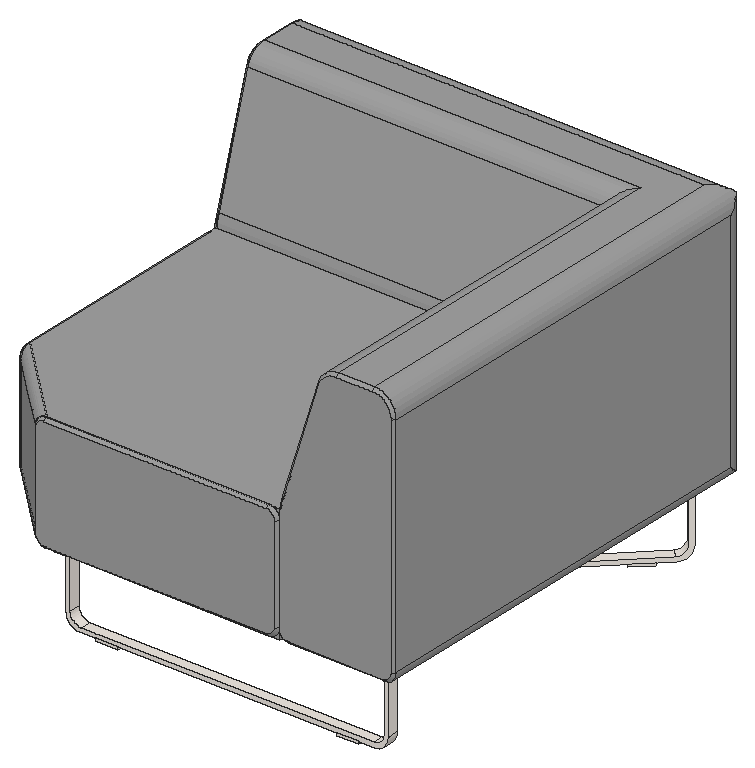
Revit family "Haworth_Riverbend_SquareCorner_AP_PRELIMINARY", category Furniture, Revit 2018
Family settings
  OmniClass Number = 23.40.70.14.64.21
  OmniClass Title = Systems Furniture
  Work Plane-Based = No
  Always vertical = Yes
  Cut with Voids When Loaded = No
  Shared = No
  Room Calculation Point = No
Parameters (values of type "1010w x 575d x 450h - Mid Back")
  Width Straight Edge = 838.2 mm  # constant formula
  Warranty = "http://www.haworth.com/resources/product-info/warranties"
  URL - Product = "https://www.haworth.com/ap/en/products/sofas-armchairs/riverbend-pebble.html"
  Trim Finish = Haworth _ Paint _ Plaster
  Small = no
  Seat Upholstery Finish [instance] = Haworth _ Fabric _ Tellure _ Steel 3A-39
  No Back = not(Mid Back)  # no
  Mid Back = yes
  Model = "SERIQX9"  # constant formula
  Low = no
  Large = not(Small)  # yes
  High = not(Low)  # yes
  Description = "Haworth Riverbend Square Corner"  # constant formula
  URL = "https://www.haworth.com/ap/en.html"
  Size = "Verify Final Dim. w/ Haworth"  # constant formula
  Revision Number = "1"  # constant formula
  Manufacturer = "Haworth"  # constant formula
  Back Upholstery Finish [instance] = Haworth _ Fabric _ Tellure _ Steel 3A-39
  Author = "Haworth (Bentzen, Abd Rahman)"  # constant formula
  Assembly Code = "E2020200"
  Actual Width = 1010 mm  # constant formula
  Actual Height = if(Low, 390 mm, 450 mm)  # 450 mm
  Actual Depth = 1010 mm  # constant formula
Reference planes
  plane 1 "Center F/B": through (-78.491, -215.695, 0) normal (-0.7071, -0.7071, 0)
  plane 2 "Bottom": z = 0
  plane 3 "Center L/R": through (55.102, -293.435, 0) normal (0.7071, -0.7071, 0)
  plane 4 "Left": through (-1165.05, -503.938, 1219.2) normal (-0.7071, 0.7071, 0)
  plane 5 "Right": through (1244.391, -113.797, 1219.2) normal (0.7071, -0.7071, 0)
  plane 6 "Chair Front": through (-1384.552, 177.6, 1219.2) normal (0.7071, 0.7071, 0)
  plane 7 "Top": z = 450
  plane 8 "Top - Bottom of Chamfer Edge": z = 443.65
  plane 9 "Frame Bottom": z = 176.95
  plane 10 "Bottom - Top of Chamfer Edge": z = 183.3
  plane 11 "Leg Bracket - Bottom": z = 170.6
  plane 12 "Leg Bottom - Top of Bottom": z = 15.875
  plane 13 "Foot - Top of Foot": z = 6.35
  plane 14 "Bench Frame - Outer Concave Tangent Edge No 1": y = 146.181
  plane 15 "Bench Frame - Outer Concave Tangent Edge No 2": x = 494.718
  plane 16 "Bench Frame - Center Side No 1": y = -272.919
  plane 17 "Bench Frame - Center Side No 2": x = 75.618
  plane 18 "Bench Frame - Straight Edge No 2": y = -869.819
  plane 19 "Bench Frame - Straight Edge No 1": x = -521.282
  plane 20 "Center Leg - Back of Leg Bracket": through (-1134.489, 1645.306, 1219.2) normal (0.7071, 0.7071, 0)
  plane 21 "Left Leg - Front of Leg Bracket": y = -647.169
  plane 22: through (-1705.143, 496.713, 1219.2) normal (-0.7071, 0.7071, 0)
  plane 23: through (157.98, -172.597, 1219.2) normal (-0.7071, 0.7071, 0)
  plane 24: through (438.657, 72.16, 1219.2) normal (-0.7071, 0.7071, 0)
  plane 25: y = 146.181
  plane 26: y = 146.181
  plane 27: through (483.559, 135.021, 1219.2) normal (-0.7071, -0.7071, 0)
  plane 28: through (345.662, 165.155, 1219.2) normal (0.7071, 0.7071, 0)
  plane 29: z = 457.2
  plane 30: z = 317.075
Lines and regions (mm)
  Masking region 1, visible <- "Large"
    outline origin (901.228, -1160, 450) x (-1, 0, 0) y (0, -1, 0)
      loop
        line (1422.51, -1306.181) -> (1422.51, -474.331) -> (1238.36, -290.181) -> (406.51, -290.181) -> (406.51, -1306.181) -> (1422.51, -1306.181)
  Masking region 2, visible <- "Small"
    outline origin (0, 0, 450) x (-1, 0, 0) y (0, -1, 0)
      loop
        line (258.752, 869.819) -> (-494.718, 869.819) -> (-494.718, -146.181) -> (521.282, -146.181) -> (521.282, 607.29) -> (258.752, 869.819)
  symbolic lines, style "Haworth", visible <- "Mid Back"
    curve 1: line (-521.282, -124.835, 450) -> (223.702, -124.835, 450)
    curve 2: line (223.702, -124.835, 450) -> (223.702, -869.819, 450)
Dimensions and locks
  plane 4 "Left" to plane 5 "Right" = 1427.861 mm
  locked: plane 7 "Top" to plane 8 "Top - Bottom of Chamfer Edge" at 6.35
  plane 10 "Bottom - Top of Chamfer Edge" to plane 9 "Frame Bottom" to plane 11 "Leg Bracket - Bottom" = 6.35 mm locked, 6.35 mm locked
  plane 7 "Top" to plane 9 "Frame Bottom" = 273.05 mm
  "Actual Height": plane 7 "Top" to plane 2 "Bottom"
  plane 7 "Top" to plane 2 "Bottom" = 450 mm
  plane 17 "Bench Frame - Center Side No 2" to plane 15 "Bench Frame - Outer Concave Tangent Edge No 2" = 419.1 mm
  plane 27 to plane 28 = 76.2 mm
  equal spacing: plane 6 "Chair Front", plane 1 "Center F/B", plane 27
  plane 19 "Bench Frame - Straight Edge No 1" to plane 15 "Bench Frame - Outer Concave Tangent Edge No 2" = 1016 mm
  plane 14 "Bench Frame - Outer Concave Tangent Edge No 1" to plane 18 "Bench Frame - Straight Edge No 2" = 1016 mm
  equal spacing: plane 9 "Frame Bottom", plane 30, plane 29
  aligned and locked: plane 14 "Bench Frame - Outer Concave Tangent Edge No 1" to nested 1
  aligned and locked: plane 19 "Bench Frame - Straight Edge No 1" to nested 1
  aligned and locked: nested 1 to level
  aligned and locked: plane 14 "Bench Frame - Outer Concave Tangent Edge No 1" to nested 2
  aligned and locked: plane 15 "Bench Frame - Outer Concave Tangent Edge No 2" to nested 2
  aligned and locked: nested 2 to plane 9 "Frame Bottom"
  aligned and locked: plane 19 "Bench Frame - Straight Edge No 1" to Masking region 1 sketch curve
  aligned and locked: Masking region 1 sketch curve to plane 6 "Chair Front"
  aligned and locked: plane 18 "Bench Frame - Straight Edge No 2" to Masking region 1 sketch curve
  aligned and locked: Masking region 1 sketch curve to plane 15 "Bench Frame - Outer Concave Tangent Edge No 2"
  aligned and locked: Masking region 1 sketch curve to plane 14 "Bench Frame - Outer Concave Tangent Edge No 1"
  aligned and locked: plane 14 "Bench Frame - Outer Concave Tangent Edge No 1" to nested 3
  aligned and locked: plane 14 "Bench Frame - Outer Concave Tangent Edge No 1" to nested 4
  aligned and locked: plane 15 "Bench Frame - Outer Concave Tangent Edge No 2" to nested 3
  aligned and locked: plane 15 "Bench Frame - Outer Concave Tangent Edge No 2" to nested 4
  aligned and locked: nested 3 to plane 9 "Frame Bottom"
  aligned and locked: nested 4 to plane 9 "Frame Bottom"
  aligned and locked: plane 19 "Bench Frame - Straight Edge No 1" to curve 1
  aligned and locked: plane 18 "Bench Frame - Straight Edge No 2" to curve 2
  aligned and locked: curve 1 to curve 2
  aligned and locked: Masking region 1 to Masking region 2 sketch curve
  aligned and locked: Masking region 2 sketch curve to Masking region 1  (x3)
Automatic sketch dimensions
  plane 3 "Center L/R" to curve 1 = 0 mm
  plane 17 "Bench Frame - Center Side No 2" to curve 2 = 148.084 mm
  plane 19 "Bench Frame - Straight Edge No 1" to Masking region 2 sketch curve = 262.53 mm
  plane 21 "Left Leg - Front of Leg Bracket" to Masking region 2 sketch curve = 39.88 mm
Nested families
  nested 1: "Haworth_Riverbend_SquareCorner_Base-PART" at (0, 0, 0), Trim Finish <- "Trim Finish", type "Base - PART"
    with Trim Finish Haworth _ Paint _ Plaster
  nested 2: "Haworth_Riverbend_SquareCorner_Back-PART" at (0, 0, -7.2), Back Upholstery Finish <- "Back Upholstery Finish", visible <- "Mid Back", type "Back - PART"
    with Back Upholstery Finish Haworth _ Fabric _ Tellure _ Steel 3A-39
  nested 3: "Haworth_Riverbend_SquareCorner_Large_Seat-PART" at (0, 0, -7.2), Seat Upholstery Finish <- "Seat Upholstery Finish", visible <- "Large", type "Large Seat - PART"
    with Seat Upholstery Finish Haworth _ Fabric _ Tellure _ Steel 3A-39
  nested 4: "Haworth_Riverbend_SquareCorner_Small_Seat-PART" at (0, 0, -7.2), Seat Upholstery Finish <- "Seat Upholstery Finish", visible <- "Small", type "Small Seat - PART"
    with Seat Upholstery Finish Haworth _ Fabric _ Tellure _ Steel 3A-39
Definition of nested family "Haworth_Riverbend_SquareCorner_Base-PART"
  Parameters (values of type "Base - PART")
    Width Straight Edge = 1010 mm  # constant formula
    Warranty = "http://www.haworth.com/resources/product-info/warranties"
    URL - Product = "http://www.haworth.com/products/seating/sofas/riverbend-pebble"
    Trim Finish [instance] = none
    Model = "Haworth - Riverbend"  # constant formula
    Description = "Haworth - Riverbend - Square Corner - Base - PART"  # constant formula
    URL = "http://www.haworth.com"
    Size = "Verify Final Dim. w/ Haworth"  # constant formula
    Revision Number = "1"  # constant formula
    Manufacturer = "Haworth"  # constant formula
    Author = "Haworth (Bentzen, Abd Rahman)"  # constant formula
    Assembly Code = "E2020200"
    Actual Width = 1010 mm  # constant formula
    Actual Height = 450 mm
    Actual Depth = 1010 mm  # constant formula
  Reference planes
    plane 1 "Center F/B": through (-78.491, -215.695, 0) normal (-0.7071, -0.7071, 0)
    plane 2 "Bottom": z = 0
    plane 3 "Center L/R": through (55.102, -293.435, 0) normal (0.7071, -0.7071, 0)
    plane 4 "Left": through (-1165.05, -503.938, 1219.2) normal (-0.7071, 0.7071, 0)
    plane 5 "Right": through (1244.391, -113.797, 1219.2) normal (0.7071, -0.7071, 0)
    plane 6 "Frame Back": through (-736.346, 786.631, 1219.2) normal (0.7071, 0.7071, 0)
    plane 7 "Chair Front": through (-1384.552, 177.6, 1219.2) normal (0.7071, 0.7071, 0)
    plane 8 "Top": z = 450
    plane 9 "Top - Bottom of Chamfer Edge": z = 443.65
    plane 10 "Frame Bottom": z = 176.95
    plane 11 "Bottom - Top of Chamfer Edge": z = 183.3
    plane 12 "Leg Bracket - Bottom": z = 170.6
    plane 13 "Leg Bottom - Top of Bottom": z = 15.875
    plane 14 "Foot - Top of Foot": z = 6.35
    plane 15 "Bench Frame - Inner Concave Tangent Edge No 1": y = -692.019
    plane 16 "Bench Frame - Outer Concave Tangent Edge No 1": y = 317.981
    plane 17 "Bench Frame - Outer Concave Tangent Edge No 2": x = 494.718
    plane 18 "Bench Frame - Center Side No 1": y = -187.019
    plane 19 "Bench Frame - Center Side No 2": x = 75.618
    plane 20 "Bench Frame - Straight Edge No 2": y = -869.819
    plane 21 "Bench Frame - Straight Edge No 1": x = -521.282
    plane 22 "Left Leg - Back of Leg Bracket": y = 101.334
    plane 23 "Center Leg - Back of Leg Bracket": through (-1134.489, 1645.306, 1219.2) normal (0.7071, 0.7071, 0)
    plane 24 "Right Leg - Back of Leg Bracket": x = 449.871
    plane 25 "Left Leg - Front of Leg Bracket": y = -647.169
    plane 26 "Right Leg - Front of Leg Bracket": x = -298.635
    plane 27 "Center Leg - Front of Leg Bracket": through (177.923, -152.04, 1219.2) normal (0.7071, 0.7071, 0)
    plane 28: through (-1705.143, 496.713, 1219.2) normal (-0.7071, 0.7071, 0)
    plane 29 "Left - Top of Chamfer Edge": x = -514.932
    plane 30 "Right - Top of Chamfer Edge": y = -863.469
    plane 31 "Leg Left - Left of Leg Bracket": x = -481.694
    plane 32 "Right Left - Right of Leg Bracket": y = -830.231
    plane 33: through (390.172, 107.175, 1219.2) normal (0.7071, 0.7071, 0)
    plane 34: y = 41.009
    plane 35: y = 31.409
    plane 36: y = -19.391
    plane 37: y = 91.809
    plane 38: y = -526.441
    plane 39: y = -577.241
    plane 40: y = -586.841
    plane 41: y = -637.641
    plane 42: through (184.965, -145.612, 1219.2) normal (-0.7071, -0.7071, 0)
    plane 43: through (220.886, -109.691, 1219.2) normal (-0.7071, -0.7071, 0)
    plane 44: through (227.674, -102.902, 1219.2) normal (-0.7071, -0.7071, 0)
    plane 45: through (263.595, -66.981, 1219.2) normal (-0.7071, -0.7071, 0)
    plane 46: through (335.331, 4.755, 1219.2) normal (-0.7071, -0.7071, 0)
    plane 47: through (371.252, 40.676, 1219.2) normal (-0.7071, -0.7071, 0)
    plane 48: through (378.041, 47.464, 1219.2) normal (-0.7071, -0.7071, 0)
    plane 49: x = -289.104
    plane 50: x = -238.304
    plane 51: x = -228.704
    plane 52: x = -177.904
    plane 53: x = 329.146
    plane 54: x = 379.946
    plane 55: x = 389.546
    plane 56: x = 440.346
    plane 57: x = -456.294
    plane 58: y = -804.831
    plane 59: through (157.98, -172.597, 1219.2) normal (-0.7071, 0.7071, 0)
    plane 60: through (438.657, 72.16, 1219.2) normal (-0.7071, 0.7071, 0)
    plane 61: x = -421.369
    plane 62: through (0.825, -415.064, 1219.2) normal (0.7071, -0.7071, 0)
    plane 63: y = -769.906
    plane 64: y = 146.181
    plane 65: y = -72.874
    plane 66: y = 146.181
    plane 67: through (483.559, 135.021, 1219.2) normal (-0.7071, -0.7071, 0)
    plane 68: through (345.662, 165.155, 1219.2) normal (0.7071, 0.7071, 0)
    plane 69: z = 457.2
    plane 70: x = -515.282
    plane 71: y = 120.781
    plane 72: z = 317.075
  Forms (mm)
    Extrusion 1, solid, material <- "Trim Finish"
      sketch origin (-569.094, -257.88, 0) x (0, -1, 0) y (0, 0, -1)
        loop
          line (-359.214, -170.6) -> (-349.689, -170.6) -> (-349.689, -41.275)
          arc (-349.689, -41.275) -> (-342.25, -23.314) -> (-324.289, -15.875) r 25.4
          line (-324.289, -15.875) -> (354.361, -15.875)
          arc (354.361, -15.875) -> (372.321, -23.314) -> (379.761, -41.275) r 25.4
          line (379.761, -41.275) -> (379.761, -170.6) -> (389.289, -170.6) -> (389.289, -38.1)
          arc (389.289, -38.1) -> (379.99, -15.649) -> (357.539, -6.35) r 31.75
          line (357.539, -6.35) -> (-327.464, -6.35)
          arc (-327.464, -6.35) -> (-349.915, -15.649) -> (-359.214, -38.1) r 31.75
          line (-359.214, -38.1) -> (-359.214, -170.6)
      from 87.4 to 112.8
    Extrusion 2, solid, material <- "Trim Finish"
      sketch origin (-512.931, 953.569, 457.2) x (1, 0, 0) y (0, 1, 0)
        loop
          line (31.238, -922.16) -> (31.238, -972.96) -> (56.637, -972.96) -> (56.637, -922.16) -> (31.238, -922.16)
      from -457.2 to -450.85
    Extrusion 3, solid, material <- "Trim Finish"
      sketch origin (-512.931, 1011.597, 457.2) x (1, 0, 0) y (0, 1, 0)
        loop
          line (31.238, -1588.838) -> (56.637, -1588.838) -> (56.637, -1538.038) -> (31.238, -1538.038) -> (31.238, -1588.838)
      from -457.2 to -450.85
    Extrusion 4, solid, material <- "Trim Finish"
      sketch origin (-512.931, 953.569, 457.2) x (1, 0, 0) y (0, 1, 0)
        loop
          line (31.238, -852.235) -> (31.238, -912.56) -> (91.562, -912.56) -> (91.562, -852.235) -> (31.238, -852.235)
      from -286.6 to -280.25
    Extrusion 5, solid, material <- "Trim Finish"
      sketch origin (-512.931, 1518.647, 457.2) x (1, 0, 0) y (0, 1, 0)
        loop
          line (31.238, -2165.816) -> (91.562, -2165.816) -> (91.562, -2105.488) -> (31.238, -2105.488) -> (31.238, -2165.816)
      from -286.6 to -280.25
    Extrusion 6, solid, material <- "Trim Finish"
      sketch origin (90.657, -917.631, 0) x (-1, 0, 0) y (0, 0, 1)
        loop
          line (-359.214, 170.6) -> (-359.214, 38.1)
          arc (-359.214, 38.1) -> (-349.915, 15.649) -> (-327.464, 6.35) r 31.75
          line (-327.464, 6.35) -> (357.542, 6.35)
          arc (357.542, 6.35) -> (379.993, 15.649) -> (389.292, 38.1) r 31.75
          line (389.292, 38.1) -> (389.292, 170.6) -> (379.761, 170.6) -> (379.761, 41.275)
          arc (379.761, 41.275) -> (372.321, 23.314) -> (354.361, 15.875) r 25.4
          line (354.361, 15.875) -> (-324.289, 15.875)
          arc (-324.289, 15.875) -> (-342.25, 23.314) -> (-349.689, 41.275) r 25.4
          line (-349.689, 41.275) -> (-349.689, 170.6) -> (-359.214, 170.6)
      from 87.4 to 112.8
    Extrusion 7, solid, material <- "Trim Finish"
      sketch origin (1302.106, -861.469, 457.2) x (0, 1, 0) y (-1, 0, 0)
        loop
          line (31.238, 922.16) -> (56.637, 922.16) -> (56.637, 972.96) -> (31.238, 972.96) -> (31.238, 922.16)
      from -457.2 to -450.85
    Extrusion 8, solid, material <- "Trim Finish"
      sketch origin (1360.134, -861.469, 457.2) x (0, 1, 0) y (-1, 0, 0)
        loop
          line (31.238, 1588.838) -> (31.238, 1538.038) -> (56.637, 1538.038) -> (56.637, 1588.838) -> (31.238, 1588.838)
      from -457.2 to -450.85
    Extrusion 9, solid, material <- "Trim Finish"
      sketch origin (1302.106, -861.469, 457.2) x (0, 1, 0) y (-1, 0, 0)
        loop
          line (31.238, 852.235) -> (91.562, 852.235) -> (91.562, 912.56) -> (31.238, 912.56) -> (31.238, 852.235)
      from -286.6 to -280.25
    Extrusion 10, solid, material <- "Trim Finish"
      sketch origin (1867.184, -861.469, 457.2) x (0, 1, 0) y (-1, 0, 0)
        loop
          line (31.238, 2165.819) -> (31.238, 2105.488) -> (91.562, 2105.488) -> (91.562, 2165.819) -> (31.238, 2165.819)
      from -286.6 to -280.25
    Extrusion 11, solid, material <- "Trim Finish"
      sketch origin (391.696, 184.721, 0) x (-0.707107, -0.707107, 0) y (0, 0, -1)
        loop
          line (46.386, -170.6) -> (55.911, -170.6) -> (55.911, -41.275)
          arc (55.911, -41.275) -> (63.35, -23.314) -> (81.311, -15.875) r 25.4
          line (81.311, -15.875) -> (354.361, -15.875)
          arc (354.361, -15.875) -> (372.321, -23.314) -> (379.761, -41.275) r 25.4
          line (379.761, -41.275) -> (379.761, -170.6) -> (389.286, -170.6) -> (389.286, -38.1)
          arc (389.286, -38.1) -> (379.987, -15.649) -> (357.536, -6.35) r 31.75
          line (357.536, -6.35) -> (78.136, -6.35)
          arc (78.136, -6.35) -> (55.685, -15.649) -> (46.386, -38.1) r 31.75
          line (46.386, -38.1) -> (46.386, -170.6)
      from 87.4 to 112.8
    Extrusion 12, solid, material <- "Trim Finish"
      sketch origin (1001.23, 714.829, 457.2) x (0.707107, -0.707107, 0) y (0.707107, 0.707107, 0)
        loop
          line (31.238, -922.16) -> (31.238, -972.96) -> (56.637, -972.96) -> (56.637, -922.16) -> (31.238, -922.16)
      from -457.2 to -450.85
    Extrusion 13, solid, material <- "Trim Finish"
      sketch origin (1329.064, 1042.664, 457.2) x (0.707107, -0.707107, 0) y (0.707107, 0.707107, 0)
        loop
          line (31.238, -1588.838) -> (56.637, -1588.838) -> (56.637, -1538.038) -> (31.238, -1538.038) -> (31.238, -1588.838)
      from -457.2 to -450.85
    Extrusion 14, solid, material <- "Trim Finish"
      sketch origin (1001.23, 714.829, 457.2) x (0.707107, -0.707107, 0) y (0.707107, 0.707107, 0)
        loop
          line (31.238, -852.235) -> (31.238, -912.56) -> (91.562, -912.56) -> (91.562, -852.235) -> (31.238, -852.235)
      from -286.6 to -280.25
    Extrusion 15, solid, material <- "Trim Finish"
      sketch origin (1687.603, 1401.202, 457.2) x (0.707107, -0.707107, 0) y (0.707107, 0.707107, 0)
        loop
          line (31.238, -2165.813) -> (91.562, -2165.813) -> (91.562, -2105.488) -> (31.238, -2105.488) -> (31.238, -2165.813)
      from -286.6 to -280.25
  Lines and regions (mm)
    Masking region 1
      outline origin (0, 0, 450) x (-1, 0, 0) y (0, -1, 0)
        loop
          line (481.694, -66.409) -> (481.694, 612.241) -> (456.294, 612.241) -> (456.294, -66.409) -> (481.694, -66.409)
        loop
          line (-220.886, 145.612) -> (-413.962, -47.464) -> (-396.001, -65.424) -> (-202.926, 127.651) -> (-220.886, 145.612)
        loop
          line (-414.946, 804.831) -> (263.704, 804.831) -> (263.704, 830.231) -> (-414.946, 830.231) -> (-414.946, 804.831)
  Dimensions and locks
    plane 4 "Left" to plane 5 "Right" = 1427.861 mm
    locked: plane 8 "Top" to plane 9 "Top - Bottom of Chamfer Edge" at 6.35
    plane 11 "Bottom - Top of Chamfer Edge" to plane 10 "Frame Bottom" to plane 12 "Leg Bracket - Bottom" = 6.35 mm locked, 6.35 mm locked
    plane 8 "Top" to plane 10 "Frame Bottom" = 273.05 mm
    "Actual Height": plane 8 "Top" to plane 2 "Bottom"
    plane 8 "Top" to plane 2 "Bottom" = 450 mm
    Extrusion 1 sketch curve to Extrusion 1 sketch curve = 9.525 mm  (x2)
    Extrusion 1 sketch curve to Extrusion 1 sketch curve = 9.528 mm
    "Width Straight Edge": plane 16 "Bench Frame - Outer Concave Tangent Edge No 1" to plane 15 "Bench Frame - Inner Concave Tangent Edge No 1"
    equal spacing: plane 16 "Bench Frame - Outer Concave Tangent Edge No 1", plane 18 "Bench Frame - Center Side No 1", plane 15 "Bench Frame - Inner Concave Tangent Edge No 1"
    plane 19 "Bench Frame - Center Side No 2" to plane 17 "Bench Frame - Outer Concave Tangent Edge No 2" = 419.1 mm
    plane 15 "Bench Frame - Inner Concave Tangent Edge No 1" to plane 20 "Bench Frame - Straight Edge No 2" = 177.8 mm
    plane 21 "Bench Frame - Straight Edge No 1" to plane 29 "Left - Top of Chamfer Edge" = 6.35 mm
    plane 30 "Right - Top of Chamfer Edge" to plane 20 "Bench Frame - Straight Edge No 2" = 6.35 mm
    Extrusion 6 sketch curve to Extrusion 6 sketch curve = 9.525 mm  (x2)
    Extrusion 6 sketch curve to Extrusion 6 sketch curve = 9.531 mm
    Extrusion 11 sketch curve to Extrusion 11 sketch curve = 9.525 mm  (x3)
    plane 23 "Center Leg - Back of Leg Bracket" to plane 27 "Center Leg - Front of Leg Bracket" = 342.9 mm
    plane 67 to plane 68 = 76.2 mm
    equal spacing: plane 7 "Chair Front", plane 1 "Center F/B", plane 67
    plane 21 "Bench Frame - Straight Edge No 1" to plane 17 "Bench Frame - Outer Concave Tangent Edge No 2" = 1016 mm
    plane 16 "Bench Frame - Outer Concave Tangent Edge No 1" to plane 20 "Bench Frame - Straight Edge No 2" = 1187.8 mm
    equal spacing: plane 10 "Frame Bottom", plane 72, plane 69
    "Actual Depth": plane 70 to plane 17 "Bench Frame - Outer Concave Tangent Edge No 2"
    aligned and locked: Extrusion 11 to plane 33
    aligned and locked: plane 23 "Center Leg - Back of Leg Bracket" to Extrusion 11  (x2)
    aligned and locked: Extrusion 3 to plane 38
    aligned and locked: Extrusion 1 to Extrusion 3  (x2)
    aligned and locked: plane 39 to Extrusion 3
    aligned and locked: Extrusion 2 to plane 35  (x2)
    aligned and locked: Extrusion 1 to Extrusion 2
    aligned and locked: Extrusion 3 to plane 57  (x2)
    aligned and locked: Extrusion 13 to plane 45
    aligned and locked: Extrusion 13 to plane 59
    aligned and locked: Extrusion 13 to plane 60
    aligned and locked: plane 46 to Extrusion 12
    aligned and locked: Extrusion 12 to plane 47
    aligned and locked: Extrusion 12 to plane 59
    aligned and locked: Extrusion 12 to plane 60
    aligned and locked: plane 53 to Extrusion 7
    aligned and locked: plane 58 to Extrusion 7
    aligned and locked: Extrusion 7 to plane 32 "Right Left - Right of Leg Bracket"
    aligned and locked: Extrusion 7 to plane 54
    aligned and locked: plane 58 to Extrusion 8
    aligned and locked: Extrusion 8 to plane 32 "Right Left - Right of Leg Bracket"
    aligned and locked: plane 51 to Extrusion 8
    aligned and locked: Extrusion 8 to plane 52
    aligned and locked: Extrusion 2 to plane 2 "Bottom"
    aligned and locked: Extrusion 2 to plane 14 "Foot - Top of Foot"
    aligned and locked: plane 2 "Bottom" to Extrusion 12  (x2)
    aligned and locked: plane 14 "Foot - Top of Foot" to Extrusion 12  (x2)
    aligned and locked: plane 2 "Bottom" to Extrusion 13  (x2)
    aligned and locked: plane 14 "Foot - Top of Foot" to Extrusion 13  (x2)
    aligned and locked: Extrusion 3 to plane 2 "Bottom"
    aligned and locked: Extrusion 3 to plane 14 "Foot - Top of Foot"
    aligned and locked: Extrusion 8 to plane 2 "Bottom"
    aligned and locked: Extrusion 8 to plane 14 "Foot - Top of Foot"
    aligned and locked: Extrusion 3 to plane 31 "Leg Left - Left of Leg Bracket"
    aligned and locked: plane 36 to Extrusion 2
    aligned and locked: Extrusion 2 to plane 57
    aligned and locked: Extrusion 2 to plane 31 "Leg Left - Left of Leg Bracket"
    aligned and locked: Extrusion 7 to plane 14 "Foot - Top of Foot"
    aligned and locked: Extrusion 7 to plane 2 "Bottom"
    aligned and locked: plane 14 "Foot - Top of Foot" to Extrusion 1
    aligned and locked: Extrusion 1 to plane 13 "Leg Bottom - Top of Bottom"
    aligned and locked: plane 22 "Left Leg - Back of Leg Bracket" to Extrusion 1
    aligned and locked: plane 37 to Extrusion 1
    aligned and locked: plane 12 "Leg Bracket - Bottom" to Extrusion 1  (x2)
    aligned and locked: Extrusion 1 to plane 41
    aligned and locked: Extrusion 1 to plane 25 "Left Leg - Front of Leg Bracket"
    aligned and locked: plane 12 "Leg Bracket - Bottom" to Extrusion 6  (x2)
    aligned and locked: plane 24 "Right Leg - Back of Leg Bracket" to Extrusion 6
    aligned and locked: plane 56 to Extrusion 6
    aligned and locked: Extrusion 6 to plane 13 "Leg Bottom - Top of Bottom"
    aligned and locked: plane 14 "Foot - Top of Foot" to Extrusion 6
    aligned and locked: Extrusion 6 to plane 26 "Right Leg - Front of Leg Bracket"
    aligned and locked: Extrusion 6 to plane 49
    aligned and locked: plane 14 "Foot - Top of Foot" to Extrusion 3
    aligned and locked: plane 12 "Leg Bracket - Bottom" to Extrusion 11  (x2)
    aligned and locked: Extrusion 11 to plane 13 "Leg Bottom - Top of Bottom"
    aligned and locked: plane 14 "Foot - Top of Foot" to Extrusion 11
    aligned and locked: Extrusion 14 to plane 12 "Leg Bracket - Bottom"
    aligned and locked: plane 10 "Frame Bottom" to Extrusion 14
    aligned and locked: plane 10 "Frame Bottom" to Extrusion 15
    aligned and locked: Extrusion 15 to plane 12 "Leg Bracket - Bottom"
    aligned and locked: Extrusion 11 to plane 59
    aligned and locked: Extrusion 11 to plane 60
    aligned and locked: Extrusion 11 to plane 27 "Center Leg - Front of Leg Bracket"
    aligned and locked: Extrusion 11 to plane 42  (x2)
    aligned and locked: plane 33 to Extrusion 11
    aligned and locked: Extrusion 6 to plane 32 "Right Left - Right of Leg Bracket"
    aligned and locked: plane 58 to Extrusion 6
    aligned and locked: plane 31 "Leg Left - Left of Leg Bracket" to Extrusion 4 sketch curve
    aligned and locked: plane 61 to Extrusion 4 sketch curve
    aligned and locked: Extrusion 4 sketch curve to plane 22 "Left Leg - Back of Leg Bracket"
    aligned and locked: Extrusion 4 sketch curve to plane 34
    aligned and locked: Extrusion 5 sketch curve to plane 31 "Leg Left - Left of Leg Bracket"
    aligned and locked: Extrusion 5 sketch curve to plane 61
    aligned and locked: Extrusion 5 sketch curve to plane 40
    aligned and locked: Extrusion 5 sketch curve to plane 25 "Left Leg - Front of Leg Bracket"
    aligned and locked: Extrusion 15 sketch curve to plane 43
    aligned and locked: Extrusion 14 sketch curve to plane 48
    aligned and locked: plane 26 "Right Leg - Front of Leg Bracket" to Extrusion 10 sketch curve
    aligned and locked: plane 50 to Extrusion 10 sketch curve
    aligned and locked: Extrusion 10 sketch curve to plane 63
    aligned and locked: plane 32 "Right Left - Right of Leg Bracket" to Extrusion 10 sketch curve
    aligned and locked: plane 63 to Extrusion 9 sketch curve
    aligned and locked: Extrusion 9 sketch curve to plane 32 "Right Left - Right of Leg Bracket"
    aligned and locked: plane 55 to Extrusion 9 sketch curve
    aligned and locked: plane 24 "Right Leg - Back of Leg Bracket" to Extrusion 9 sketch curve
    aligned and locked: Extrusion 5 to plane 12 "Leg Bracket - Bottom"
    aligned and locked: plane 10 "Frame Bottom" to Extrusion 5
    aligned and locked: Extrusion 10 to plane 12 "Leg Bracket - Bottom"
    aligned and locked: plane 10 "Frame Bottom" to Extrusion 10
    aligned and locked: plane 12 "Leg Bracket - Bottom" to Extrusion 15
    aligned and locked: Extrusion 15 to plane 10 "Frame Bottom"
    aligned and locked: plane 12 "Leg Bracket - Bottom" to Extrusion 14
    aligned and locked: Extrusion 14 to plane 10 "Frame Bottom"
    aligned and locked: Extrusion 9 to plane 12 "Leg Bracket - Bottom"
    aligned and locked: plane 10 "Frame Bottom" to Extrusion 9
    aligned and locked: Extrusion 4 to plane 12 "Leg Bracket - Bottom"
    aligned and locked: plane 10 "Frame Bottom" to Extrusion 4
    aligned and locked: plane 12 "Leg Bracket - Bottom" to Extrusion 5
    aligned and locked: Extrusion 5 to plane 10 "Frame Bottom"
  Automatic sketch dimensions
    Extrusion 1 sketch curve to plane 22 "Left Leg - Back of Leg Bracket" = 0 mm
    plane 14 "Foot - Top of Foot" to Extrusion 1 sketch curve = 0 mm
    Extrusion 1 sketch curve to plane 12 "Leg Bracket - Bottom" = 0 mm  (x2)
    Extrusion 1 sketch curve to plane 41 = 0 mm
    plane 37 to Extrusion 1 sketch curve = 22.225 mm
    Extrusion 1 sketch curve to Extrusion 1 sketch curve = 3.175 mm
    plane 40 to Extrusion 1 sketch curve = 25.4 mm
    Extrusion 1 sketch curve to Extrusion 1 sketch curve = 3.178 mm
    Extrusion 2 sketch curve to plane 31 "Leg Left - Left of Leg Bracket" = 0 mm
    plane 36 to Extrusion 2 sketch curve = 0 mm
    Extrusion 2 sketch curve to plane 57 = 0 mm
    plane 35 to Extrusion 2 sketch curve = 0 mm
    Extrusion 3 sketch curve to plane 31 "Leg Left - Left of Leg Bracket" = 0 mm
    plane 38 to Extrusion 3 sketch curve = 0 mm
    Extrusion 3 sketch curve to plane 57 = 0 mm
    plane 39 to Extrusion 3 sketch curve = 0 mm
    Extrusion 6 sketch curve to plane 24 "Right Leg - Back of Leg Bracket" = 0 mm
    Extrusion 6 sketch curve to plane 14 "Foot - Top of Foot" = 0 mm
    Extrusion 6 sketch curve to plane 12 "Leg Bracket - Bottom" = 0 mm  (x2)
    plane 49 to Extrusion 6 sketch curve = 0 mm
    plane 56 to Extrusion 6 sketch curve = 22.225 mm
    Extrusion 6 sketch curve to Extrusion 6 sketch curve = 3.175 mm
    plane 50 to Extrusion 6 sketch curve = 25.4 mm
    Extrusion 6 sketch curve to Extrusion 6 sketch curve = 3.181 mm
    Extrusion 7 sketch curve to plane 32 "Right Left - Right of Leg Bracket" = 0 mm
    Extrusion 7 sketch curve to plane 53 = 0 mm
    Extrusion 7 sketch curve to plane 58 = 0 mm
    Extrusion 7 sketch curve to plane 54 = 0 mm
    Extrusion 8 sketch curve to plane 32 "Right Left - Right of Leg Bracket" = 0 mm
    Extrusion 8 sketch curve to plane 52 = 0 mm
    Extrusion 8 sketch curve to plane 58 = 0 mm
    Extrusion 8 sketch curve to plane 51 = 0 mm
    Extrusion 11 sketch curve to plane 23 "Center Leg - Back of Leg Bracket" = 0 mm
    plane 14 "Foot - Top of Foot" to Extrusion 11 sketch curve = 0 mm
    Extrusion 11 sketch curve to plane 12 "Leg Bracket - Bottom" = 0 mm  (x2)
    Extrusion 11 sketch curve to plane 42 = 0 mm
    Extrusion 11 sketch curve to plane 33 = 22.225 mm
    Extrusion 11 sketch curve to Extrusion 11 sketch curve = 3.175 mm  (x2)
    plane 6 "Frame Back" to Extrusion 11 sketch curve = 17.671 mm
    plane 46 to Extrusion 12 sketch curve = 0 mm
    plane 59 to Extrusion 12 sketch curve = 0 mm
    Extrusion 12 sketch curve to plane 60 = 0 mm
    plane 47 to Extrusion 12 sketch curve = 0 mm
    plane 45 to Extrusion 13 sketch curve = 0 mm
    plane 59 to Extrusion 13 sketch curve = 0 mm
    Extrusion 13 sketch curve to plane 60 = 0 mm
    plane 44 to Extrusion 13 sketch curve = 0 mm
    plane 59 to Extrusion 14 sketch curve = 0 mm
    plane 62 to Extrusion 14 sketch curve = 0 mm
    Extrusion 14 sketch curve to plane 23 "Center Leg - Back of Leg Bracket" = 0 mm
    Extrusion 15 sketch curve to plane 59 = 0 mm
    plane 62 to Extrusion 15 sketch curve = 0 mm
    Extrusion 15 sketch curve to plane 27 "Center Leg - Front of Leg Bracket" = 0 mm
    Masking region 1 sketch curve to plane 57 = 0 mm
    Masking region 1 sketch curve to plane 31 "Leg Left - Left of Leg Bracket" = 0 mm
    plane 37 to Masking region 1 sketch curve = 25.4 mm
    plane 40 to Masking region 1 sketch curve = 25.4 mm
    Masking region 1 sketch curve to plane 60 = 0 mm  (x2)
    plane 59 to Masking region 1 sketch curve = 0 mm
    Masking region 1 sketch curve to plane 65 = 54.777 mm
    Masking region 1 sketch curve to plane 55 = 6.455 mm
    Masking region 1 sketch curve to plane 32 "Right Left - Right of Leg Bracket" = 0 mm
    Masking region 1 sketch curve to plane 58 = 0 mm
    plane 56 to Masking region 1 sketch curve = 25.4 mm
    plane 50 to Masking region 1 sketch curve = 25.4 mm
Definition of nested family "Haworth_Riverbend_SquareCorner_Back-PART"
  Parameters (values of type "Back - PART")
    Width Straight Edge = 838.2 mm  # constant formula
    Warranty = "http://www.haworth.com/resources/product-info/warranties"
    URL - Product = "http://www.haworth.com/products/seating/sofas/riverbend-pebble"
    Mid Back = yes
    Model = "Haworth - Riverbend"  # constant formula
    Description = "Haworth - Riverbend - Square Corner - Back - PART"  # constant formula
    URL = "http://www.haworth.com"
    Size = "Verify Final Dim. w/ Haworth"  # constant formula
    Revision Number = "1"  # constant formula
    Manufacturer = "Haworth"  # constant formula
    Depth = 838.2 mm  # constant formula
    Back Upholstery Finish [instance] = none
    Author = "Haworth (Bentzen, Abd Rahman)"  # constant formula
    Assembly Code = "E2020200"
    Actual Width = 1422.4 mm  # constant formula
    Actual Height = 457.2 mm  # constant formula
    Actual Depth = 838.2 mm  # constant formula
  Reference planes
    plane 1 "Center F/B": through (-78.491, -215.695, 0) normal (-0.7071, -0.7071, 0)
    plane 2 "Bottom": z = 0
    plane 3 "Center L/R": through (55.102, -293.435, 0) normal (0.7071, -0.7071, 0)
    plane 4 "Left": through (-1165.05, -503.938, 1219.2) normal (-0.7071, 0.7071, 0)
    plane 5 "Right": through (1244.391, -113.797, 1219.2) normal (0.7071, -0.7071, 0)
    plane 6 "Frame Back": through (-736.346, 786.631, 1219.2) normal (0.7071, 0.7071, 0)
    plane 7 "Chair Front": through (-1384.552, 177.6, 1219.2) normal (0.7071, 0.7071, 0)
    plane 8 "Top": z = 457.2
    plane 9 "Top - Bottom of Chamfer Edge": z = 450.85
    plane 10 "Frame Bottom": z = 184.15
    plane 11 "Bottom - Top of Chamfer Edge": z = 190.5
    plane 12 "Leg Bracket - Bottom": z = 177.8
    plane 13 "Leg Bottom - Top of Bottom": z = 15.875
    plane 14 "Foot - Top of Foot": z = 6.35
    plane 15 "Bench Frame - Inner Concave Tangent Edge No 1": y = -692.019
    plane 16 "Bench Frame - Outer Concave Tangent Edge No 1": y = 146.181
    plane 17 "Bench Frame - Outer Concave Tangent Edge No 2": x = 494.718
    plane 18 "Bench Frame - Center Side No 1": y = -272.919
    plane 19 "Bench Frame - Center Side No 2": x = 75.618
    plane 20 "Bench Frame - Straight Edge No 2": y = -869.819
    plane 21 "Bench Frame - Straight Edge No 1": x = -521.282
    plane 22 "Left Leg - Back of Leg Bracket": y = 101.334
    plane 23 "Center Leg - Back of Leg Bracket": through (-1134.489, 1645.306, 1219.2) normal (0.7071, 0.7071, 0)
    plane 24 "Right Leg - Back of Leg Bracket": x = 449.871
    plane 25 "Left Leg - Front of Leg Bracket": y = -647.169
    plane 26 "Right Leg - Front of Leg Bracket": x = -298.635
    plane 27 "Center Leg - Front of Leg Bracket": through (177.923, -152.04, 1219.2) normal (0.7071, 0.7071, 0)
    plane 28: through (-1705.143, 496.713, 1219.2) normal (-0.7071, 0.7071, 0)
    plane 29 "Left - Top of Chamfer Edge": x = -514.932
    plane 30 "Right - Top of Chamfer Edge": y = -863.469
    plane 31 "Leg Left - Left of Leg Bracket": x = -481.694
    plane 32 "Right Left - Right of Leg Bracket": y = -830.231
    plane 33: through (390.172, 107.175, 1219.2) normal (0.7071, 0.7071, 0)
    plane 34: y = 41.009
    plane 35: y = 31.409
    plane 36: y = -19.391
    plane 37: y = 91.809
    plane 38: y = -526.441
    plane 39: y = -577.241
    plane 40: y = -586.841
    plane 41: y = -637.641
    plane 42: through (184.965, -145.612, 1219.2) normal (-0.7071, -0.7071, 0)
    plane 43: through (220.886, -109.691, 1219.2) normal (-0.7071, -0.7071, 0)
    plane 44: through (227.674, -102.902, 1219.2) normal (-0.7071, -0.7071, 0)
    plane 45: through (263.595, -66.981, 1219.2) normal (-0.7071, -0.7071, 0)
    plane 46: through (335.331, 4.755, 1219.2) normal (-0.7071, -0.7071, 0)
    plane 47: through (371.252, 40.676, 1219.2) normal (-0.7071, -0.7071, 0)
    plane 48: through (378.041, 47.464, 1219.2) normal (-0.7071, -0.7071, 0)
    plane 49: x = -289.104
    plane 50: x = -238.304
    plane 51: x = -228.704
    plane 52: x = -177.904
    plane 53: x = 329.146
    plane 54: x = 379.946
    plane 55: x = 389.546
    plane 56: x = 440.346
    plane 57: x = -456.294
    plane 58: y = -804.831
    plane 59: through (157.98, -172.597, 1219.2) normal (-0.7071, 0.7071, 0)
    plane 60: through (438.657, 72.16, 1219.2) normal (-0.7071, 0.7071, 0)
    plane 61: x = -421.369
    plane 62: through (0.825, -415.064, 1219.2) normal (0.7071, -0.7071, 0)
    plane 63: y = -769.906
    plane 64: y = 146.181
    plane 65: y = -72.874
    plane 66: y = 146.181
    plane 67: through (483.559, 135.021, 1219.2) normal (-0.7071, -0.7071, 0)
    plane 68: through (345.662, 165.155, 1219.2) normal (0.7071, 0.7071, 0)
    plane 69: z = 457.2
    plane 70: x = -343.482
    plane 71: y = 120.781
    plane 72: z = 320.675
  Forms (mm)
    Blend 1, solid, material <- "Back Upholstery Finish", visible <- "Mid Back"
      base sketch origin (-844.55, 366.279, -169.305) x (0, -1, 0) y (0, 0, 1)
        loop
          arc (270.098, 956.705) -> (234.743, 942.06) -> (220.098, 906.705) r 50
          line (220.098, 906.705) -> (220.098, 378.855)
          arc (220.098, 378.855) -> (227.537, 360.895) -> (245.498, 353.455) r 25.4
          line (245.498, 353.455) -> (465.714, 353.455)
          arc (465.714, 353.455) -> (483.674, 360.895) -> (491.114, 378.855) r 25.4
          line (491.114, 378.855) -> (491.114, 617.447)
          arc (491.114, 617.447) -> (488.857, 636.186) -> (484.326, 654.509) r 154.13
          line (484.326, 654.509) -> (400.608, 921.653)
          arc (400.608, 921.653) -> (382.494, 947) -> (352.89, 956.705) r 50.006
          line (352.89, 956.705) -> (270.098, 956.705)
      top sketch origin (-844.55, 366.279, -169.305) x (0, -1, 0) y (0, 0, 1)
        loop
          line (352.89, 950.355) -> (270.098, 950.355)
          arc (270.098, 950.355) -> (239.233, 937.57) -> (226.448, 906.705) r 43.65
          line (226.448, 906.705) -> (226.448, 378.855)
          arc (226.448, 378.855) -> (232.028, 365.385) -> (245.498, 359.805) r 19.05
          line (245.498, 359.805) -> (467.535, 359.805)
          arc (467.535, 359.805) -> (481.006, 365.385) -> (486.585, 378.855) r 19.05
          line (486.585, 378.855) -> (486.585, 626.065) -> (394.549, 919.754)
          arc (394.549, 919.754) -> (378.735, 941.883) -> (352.89, 950.355) r 43.656
      from -329.618 to -323.268
    Blend 2, solid, material <- "Back Upholstery Finish", visible <- "Mid Back"
      base sketch origin (714.816, -1193.087, -169.305) x (-1, 0, 0) y (0, 0, -1)
        loop
          line (270.098, -956.705) -> (352.89, -956.705)
          arc (352.89, -956.705) -> (382.494, -947) -> (400.608, -921.653) r 50.006
          line (400.608, -921.653) -> (484.326, -654.509)
          arc (484.326, -654.509) -> (488.857, -636.186) -> (491.114, -617.447) r 154.13
          line (491.114, -617.447) -> (491.114, -378.855)
          arc (491.114, -378.855) -> (483.674, -360.895) -> (465.714, -353.455) r 25.4
          line (465.714, -353.455) -> (245.498, -353.455)
          arc (245.498, -353.455) -> (227.537, -360.895) -> (220.098, -378.855) r 25.4
          line (220.098, -378.855) -> (220.098, -906.705)
          arc (220.098, -906.705) -> (234.743, -942.06) -> (270.098, -956.705) r 50
      top sketch origin (714.816, -1193.087, -169.305) x (-1, 0, 0) y (0, 0, -1)
        loop
          arc (352.89, -950.355) -> (378.735, -941.883) -> (394.549, -919.754) r 43.656
          line (394.549, -919.754) -> (486.585, -626.065) -> (486.585, -378.855)
          arc (486.585, -378.855) -> (481.006, -365.385) -> (467.535, -359.805) r 19.05
          line (467.535, -359.805) -> (245.498, -359.805)
          arc (245.498, -359.805) -> (232.028, -365.385) -> (226.448, -378.855) r 19.05
          line (226.448, -378.855) -> (226.448, -906.705)
          arc (226.448, -906.705) -> (239.233, -937.57) -> (270.098, -950.355) r 43.65
          line (270.098, -950.355) -> (352.89, -950.355)
      from -329.618 to -323.268
    Sweep 3, solid, material <- "Back Upholstery Finish", visible <- "Mid Back"
      path origin (0, 0, 457.2) x (-1, 0, 0) y (0, -1, 0)
        loop
          line (-494.718, 863.469) -> (-494.718, -146.181) -> (514.932, -146.181)
      profile origin (494.718, -358.644, 457.2) x (-1, 0, 0) y (0, 0, 1)
        loop
          arc (180.51, 295.148) -> (162.396, 320.495) -> (132.792, 330.2) r 50.006
          line (132.792, 330.2) -> (50, 330.2)
          arc (50, 330.2) -> (14.645, 315.555) -> (0, 280.2) r 50
          line (0, 280.2) -> (0, -247.65)
          arc (0, -247.65) -> (7.439, -265.611) -> (25.4, -273.05) r 25.4
          line (25.4, -273.05) -> (245.616, -273.05)
          arc (245.616, -273.05) -> (263.577, -265.611) -> (271.016, -247.65) r 25.4
          line (271.016, -247.65) -> (271.016, -9.058)
          arc (271.016, -9.058) -> (268.759, 9.681) -> (264.228, 28.004) r 154.13
          line (264.228, 28.004) -> (180.51, 295.148)
    Extrusion 4, void
      sketch origin (0, 0, 457.2) x (-1, 0, 0) y (0, -1, 0)
        loop
          line (-494.718, -108.081) -> (-494.718, -146.181) -> (-456.618, -146.181)
          arc (-456.618, -146.181) -> (-483.559, -135.021) -> (-494.718, -108.081) r 38.1
      from -304.934 to 341.183
  Cuts and joins
    Extrusion 4 cuts Sweep 3
    joined: Blend 2, Sweep 3
  Lines and regions (mm)
    Masking region 1, visible <- "Mid Back"
      outline origin (0, 0, 457.2) x (-1, 0, 0) y (0, -1, 0)
        loop
          line (521.282, 124.835) -> (-223.702, 124.835) -> (-223.702, 869.819) -> (-494.718, 869.819) -> (-494.718, -146.181) -> (521.282, -146.181) -> (521.282, 124.835)
  Dimensions and locks
    plane 4 "Left" to plane 5 "Right" = 1427.861 mm
    locked: plane 8 "Top" to plane 9 "Top - Bottom of Chamfer Edge" at 6.35
    plane 11 "Bottom - Top of Chamfer Edge" to plane 10 "Frame Bottom" to plane 12 "Leg Bracket - Bottom" = 6.35 mm locked, 6.35 mm locked
    plane 8 "Top" to plane 10 "Frame Bottom" = 273.05 mm
    "Actual Height": plane 8 "Top" to plane 2 "Bottom"
    plane 8 "Top" to plane 2 "Bottom" = 457.2 mm
    "Width Straight Edge": plane 16 "Bench Frame - Outer Concave Tangent Edge No 1" to plane 15 "Bench Frame - Inner Concave Tangent Edge No 1"
    equal spacing: plane 16 "Bench Frame - Outer Concave Tangent Edge No 1", plane 18 "Bench Frame - Center Side No 1", plane 15 "Bench Frame - Inner Concave Tangent Edge No 1"
    plane 19 "Bench Frame - Center Side No 2" to plane 17 "Bench Frame - Outer Concave Tangent Edge No 2" = 419.1 mm
    plane 15 "Bench Frame - Inner Concave Tangent Edge No 1" to plane 20 "Bench Frame - Straight Edge No 2" = 177.8 mm
    plane 21 "Bench Frame - Straight Edge No 1" to plane 29 "Left - Top of Chamfer Edge" = 6.35 mm
    plane 30 "Right - Top of Chamfer Edge" to plane 20 "Bench Frame - Straight Edge No 2" = 6.35 mm
    plane 23 "Center Leg - Back of Leg Bracket" to plane 27 "Center Leg - Front of Leg Bracket" = 342.9 mm
    plane 67 to plane 68 = 76.2 mm
    equal spacing: plane 7 "Chair Front", plane 1 "Center F/B", plane 67
    plane 21 "Bench Frame - Straight Edge No 1" to plane 17 "Bench Frame - Outer Concave Tangent Edge No 2" = 1016 mm
    plane 16 "Bench Frame - Outer Concave Tangent Edge No 1" to plane 20 "Bench Frame - Straight Edge No 2" = 1016 mm
    equal spacing: plane 10 "Frame Bottom", plane 72, plane 69
    "Depth": plane 70 to plane 17 "Bench Frame - Outer Concave Tangent Edge No 2"
    aligned and locked: plane 29 "Left - Top of Chamfer Edge" to Blend 1
    aligned and locked: Blend 1 to plane 21 "Bench Frame - Straight Edge No 1"
  Automatic sketch dimensions
    Blend 1 sketch curve to plane 16 "Bench Frame - Outer Concave Tangent Edge No 1" = 0 mm
    Blend 1 sketch curve to plane 10 "Frame Bottom" = 0 mm
    Blend 1 sketch curve to plane 71 = 0 mm  (x2)
    Blend 1 sketch curve to plane 37 = 4.372 mm  (x2)
    plane 35 to Blend 1 sketch curve = 2.379 mm
    plane 35 to Blend 1 sketch curve = 18.02 mm  (x2)
    plane 36 to Blend 1 sketch curve = 14.938 mm
    Blend 1 sketch curve to plane 65 = 26.561 mm
    Blend 1 sketch curve to plane 65 = 45.173 mm
    Blend 1 sketch curve to plane 9 "Top - Bottom of Chamfer Edge" = 2.708 mm
    Blend 1 sketch curve to Blend 1 sketch curve = 6.788 mm
    Blend 1 sketch curve to plane 9 "Top - Bottom of Chamfer Edge" = 11.737 mm
    plane 8 "Top" to Blend 1 sketch curve = 280.194 mm  (x2)
    Blend 1 sketch curve to Blend 1 sketch curve = 0.006 mm  (x2)
    Blend 1 sketch curve to plane 11 "Bottom - Top of Chamfer Edge" = 0 mm
    Blend 1 sketch curve to plane 16 "Bench Frame - Outer Concave Tangent Edge No 1" = 6.35 mm
    plane 36 to Blend 1 sketch curve = 8.879 mm
    Blend 1 sketch curve to plane 65 = 28.383 mm
    Blend 1 sketch curve to plane 8 "Top" = 0.441 mm
    Blend 1 sketch curve to plane 65 = 47.433 mm
    Blend 2 sketch curve to plane 17 "Bench Frame - Outer Concave Tangent Edge No 2" = 0 mm
    Blend 2 sketch curve to plane 10 "Frame Bottom" = 0 mm
    plane 24 "Right Leg - Back of Leg Bracket" to Blend 2 sketch curve = 19.447 mm  (x2)
    Blend 2 sketch curve to plane 56 = 4.372 mm  (x2)
    plane 54 to Blend 2 sketch curve = 2.379 mm
    plane 54 to Blend 2 sketch curve = 18.02 mm  (x2)
    plane 53 to Blend 2 sketch curve = 14.938 mm
    plane 53 to Blend 2 sketch curve = 80.044 mm
    plane 8 "Top" to Blend 2 sketch curve = 28.004 mm
    plane 53 to Blend 2 sketch curve = 98.656 mm
    Blend 2 sketch curve to plane 9 "Top - Bottom of Chamfer Edge" = 2.708 mm
    Blend 2 sketch curve to Blend 2 sketch curve = 6.788 mm
    plane 8 "Top" to Blend 2 sketch curve = 280.194 mm  (x2)
    Blend 2 sketch curve to Blend 2 sketch curve = 0.006 mm  (x2)
    Blend 2 sketch curve to plane 11 "Bottom - Top of Chamfer Edge" = 0 mm
    Blend 2 sketch curve to plane 17 "Bench Frame - Outer Concave Tangent Edge No 2" = 6.35 mm
    plane 53 to Blend 2 sketch curve = 8.879 mm
    plane 11 "Bottom - Top of Chamfer Edge" to Blend 2 sketch curve = 19.05 mm
    plane 53 to Blend 2 sketch curve = 81.865 mm
    Blend 2 sketch curve to plane 8 "Top" = 0.441 mm
    plane 3 "Center L/R" to Sweep 3 sketch curve = 0 mm
    Sweep 3 sketch curve to plane 16 "Bench Frame - Outer Concave Tangent Edge No 1" = 0 mm
    Sweep 3 sketch curve to plane 4 "Left" = 0 mm
    plane 5 "Right" to Sweep 3 sketch curve = 0 mm
    Sweep 3 sketch curve to profile plane = 0 mm
    Sweep 3 sketch curve to profile plane = 25.4 mm
    Sweep 3 sketch curve to profile plane = 50 mm
    Sweep 3 sketch curve to plane 8 "Top" = 18.087 mm
    Sweep 3 sketch curve to profile plane = 117.15 mm
    Sweep 3 sketch curve to Sweep 3 sketch curve = 82.792 mm
    Sweep 3 sketch curve to Sweep 3 sketch curve = 47.718 mm
    Sweep 3 sketch curve to Sweep 3 sketch curve = 220.216 mm
    plane 8 "Top" to Sweep 3 sketch curve = 28.004 mm
    Sweep 3 sketch curve to Sweep 3 sketch curve = 147.077 mm
    Sweep 3 sketch curve to plane 8 "Top" = 9.058 mm
    Sweep 3 sketch curve to plane 8 "Top" = 247.65 mm
    plane 8 "Top" to Sweep 3 sketch curve = 280.194 mm
    Sweep 3 sketch curve to Sweep 3 sketch curve = 0.006 mm
    Extrusion 4 sketch curve to plane 17 "Bench Frame - Outer Concave Tangent Edge No 2" = 0 mm
    Extrusion 4 sketch curve to plane 16 "Bench Frame - Outer Concave Tangent Edge No 1" = 0 mm
    plane 24 "Right Leg - Back of Leg Bracket" to Extrusion 4 sketch curve = 6.747 mm
    plane 3 "Center L/R" to Masking region 1 sketch curve = 0 mm
    Masking region 1 sketch curve to plane 65 = 51.961 mm
    Masking region 1 sketch curve to plane 16 "Bench Frame - Outer Concave Tangent Edge No 1" = 0 mm
    Masking region 1 sketch curve to plane 17 "Bench Frame - Outer Concave Tangent Edge No 2" = 0 mm
    Masking region 1 sketch curve to plane 21 "Bench Frame - Straight Edge No 1" = 0 mm
    Masking region 1 sketch curve to plane 20 "Bench Frame - Straight Edge No 2" = 0 mm
Definition of nested family "Haworth_Riverbend_SquareCorner_Large_Seat-PART"
  Parameters (values of type "Large Seat - PART")
    Width Straight Edge = 838.2 mm  # constant formula
    Warranty = "http://www.haworth.com/resources/product-info/warranties"
    URL - Product = "http://www.haworth.com/products/seating/sofas/riverbend-pebble"
    Seat Upholstery Finish [instance] = none
    No Back = no
    Mid Back = yes
    Model = "Haworth - Riverbend"  # constant formula
    Description = "Haworth - Riverbend - Square Corner - Large Seat - PART"  # constant formula
    URL = "http://www.haworth.com"
    Size = "Verify Final Dim. w/ Haworth"  # constant formula
    Revision Number = "1"  # constant formula
    Manufacturer = "Haworth"  # constant formula
    Depth = 838.2 mm  # constant formula
    Author = "Haworth (Bentzen, Abd Rahman)"  # constant formula
    Assembly Code = "E2020200"
    Actual Width = 1422.4 mm  # constant formula
    Actual Height = 457.2 mm  # constant formula
    Actual Depth = 838.2 mm  # constant formula
  Reference planes
    plane 1 "Center F/B": through (-78.491, -215.695, 0) normal (-0.7071, -0.7071, 0)
    plane 2 "Bottom": z = 0
    plane 3 "Center L/R": through (55.102, -293.435, 0) normal (0.7071, -0.7071, 0)
    plane 4 "Left": through (-1165.05, -503.938, 1219.2) normal (-0.7071, 0.7071, 0)
    plane 5 "Right": through (1244.391, -113.797, 1219.2) normal (0.7071, -0.7071, 0)
    plane 6 "Frame Back": through (-736.346, 786.631, 1219.2) normal (0.7071, 0.7071, 0)
    plane 7 "Chair Front": through (-1384.552, 177.6, 1219.2) normal (0.7071, 0.7071, 0)
    plane 8 "Top": z = 457.2
    plane 9 "Top - Bottom of Chamfer Edge": z = 450.85
    plane 10 "Frame Bottom": z = 184.15
    plane 11 "Bottom - Top of Chamfer Edge": z = 190.5
    plane 12 "Leg Bracket - Bottom": z = 177.8
    plane 13 "Leg Bottom - Top of Bottom": z = 15.875
    plane 14 "Foot - Top of Foot": z = 6.35
    plane 15 "Bench Frame - Inner Concave Tangent Edge No 1": y = -692.019
    plane 16 "Bench Frame - Outer Concave Tangent Edge No 1": y = 146.181
    plane 17 "Bench Frame - Outer Concave Tangent Edge No 2": x = 494.718
    plane 18 "Bench Frame - Center Side No 1": y = -272.919
    plane 19 "Bench Frame - Center Side No 2": x = 75.618
    plane 20 "Bench Frame - Straight Edge No 2": y = -869.819
    plane 21 "Bench Frame - Straight Edge No 1": x = -521.282
    plane 22 "Left Leg - Back of Leg Bracket": y = 101.334
    plane 23 "Center Leg - Back of Leg Bracket": through (-1134.489, 1645.306, 1219.2) normal (0.7071, 0.7071, 0)
    plane 24 "Right Leg - Back of Leg Bracket": x = 449.871
    plane 25 "Left Leg - Front of Leg Bracket": y = -647.169
    plane 26 "Right Leg - Front of Leg Bracket": x = -298.635
    plane 27 "Center Leg - Front of Leg Bracket": through (177.923, -152.04, 1219.2) normal (0.7071, 0.7071, 0)
    plane 28: through (-1705.143, 496.713, 1219.2) normal (-0.7071, 0.7071, 0)
    plane 29 "Left - Top of Chamfer Edge": x = -514.932
    plane 30 "Right - Top of Chamfer Edge": y = -863.469
    plane 31 "Leg Left - Left of Leg Bracket": x = -481.694
    plane 32 "Right Left - Right of Leg Bracket": y = -830.231
    plane 33: through (390.172, 107.175, 1219.2) normal (0.7071, 0.7071, 0)
    plane 34: y = 41.009
    plane 35: y = 31.409
    plane 36: y = -19.391
    plane 37: y = 91.809
    plane 38: y = -526.441
    plane 39: y = -577.241
    plane 40: y = -586.841
    plane 41: y = -637.641
    plane 42: through (184.965, -145.612, 1219.2) normal (-0.7071, -0.7071, 0)
    plane 43: through (220.886, -109.691, 1219.2) normal (-0.7071, -0.7071, 0)
    plane 44: through (227.674, -102.902, 1219.2) normal (-0.7071, -0.7071, 0)
    plane 45: through (263.595, -66.981, 1219.2) normal (-0.7071, -0.7071, 0)
    plane 46: through (335.331, 4.755, 1219.2) normal (-0.7071, -0.7071, 0)
    plane 47: through (371.252, 40.676, 1219.2) normal (-0.7071, -0.7071, 0)
    plane 48: through (378.041, 47.464, 1219.2) normal (-0.7071, -0.7071, 0)
    plane 49: x = -289.104
    plane 50: x = -238.304
    plane 51: x = -228.704
    plane 52: x = -177.904
    plane 53: x = 329.146
    plane 54: x = 379.946
    plane 55: x = 389.546
    plane 56: x = 440.346
    plane 57: x = -456.294
    plane 58: y = -804.831
    plane 59: through (157.98, -172.597, 1219.2) normal (-0.7071, 0.7071, 0)
    plane 60: through (438.657, 72.16, 1219.2) normal (-0.7071, 0.7071, 0)
    plane 61: x = -421.369
    plane 62: through (0.825, -415.064, 1219.2) normal (0.7071, -0.7071, 0)
    plane 63: y = -769.906
    plane 64: y = 146.181
    plane 65: y = -72.874
    plane 66: y = 146.181
    plane 67: through (483.559, 135.021, 1219.2) normal (-0.7071, -0.7071, 0)
    plane 68: through (345.662, 165.155, 1219.2) normal (0.7071, 0.7071, 0)
    plane 69: z = 457.2
    plane 70: x = -343.482
    plane 71: y = 120.781
    plane 72: x = -2882.933
    plane 73: x = -2844.836
    plane 74: z = 320.675
  Forms (mm)
    Blend 1, solid, material <- "Seat Upholstery Finish", visible <- "No Back"
      base sketch origin (104.632, -869.819, 0) x (1, 0, 0) y (0, 0, 1)
        loop
          arc (-422.714, 450.85) -> (-436.184, 445.27) -> (-441.764, 431.8) r 19.05
          line (-441.764, 431.8) -> (-441.764, 209.55)
          arc (-441.764, 209.55) -> (-436.184, 196.08) -> (-422.714, 190.5) r 19.05
          line (-422.714, 190.5) -> (364.686, 190.5)
          arc (364.686, 190.5) -> (378.156, 196.08) -> (383.736, 209.55) r 19.05
          line (383.736, 209.55) -> (383.736, 431.8)
          arc (383.736, 431.8) -> (378.156, 445.27) -> (364.686, 450.85) r 19.05
          line (364.686, 450.85) -> (-422.714, 450.85)
      top sketch origin (104.632, -869.819, 0) x (1, 0, 0) y (0, 0, 1)
        loop
          arc (-422.714, 457.2) -> (-440.675, 449.761) -> (-448.114, 431.8) r 25.4
          line (-448.114, 431.8) -> (-448.114, 209.55)
          arc (-448.114, 209.55) -> (-440.675, 191.589) -> (-422.714, 184.15) r 25.4
          line (-422.714, 184.15) -> (364.686, 184.15)
          arc (364.686, 184.15) -> (382.646, 191.589) -> (390.086, 209.55) r 25.4
          line (390.086, 209.55) -> (390.086, 431.8)
          arc (390.086, 431.8) -> (382.646, 449.761) -> (364.686, 457.2) r 25.4
          line (364.686, 457.2) -> (-422.714, 457.2)
      from 0 to -6.35
    Blend 2, solid, material <- "Seat Upholstery Finish", visible <- "Mid Back"
      base sketch origin (-224.412, -869.819, 0) x (-1, 0, 0) y (0, 0, -1)
        loop
          line (-422.714, -450.85) -> (93.67, -450.85)
          arc (93.67, -450.85) -> (107.14, -445.27) -> (112.72, -431.8) r 19.05
          line (112.72, -431.8) -> (112.72, -209.55)
          arc (112.72, -209.55) -> (107.14, -196.08) -> (93.67, -190.5) r 19.05
          line (93.67, -190.5) -> (-422.714, -190.5)
          arc (-422.714, -190.5) -> (-436.184, -196.08) -> (-441.764, -209.55) r 19.05
          line (-441.764, -209.55) -> (-441.764, -431.8)
          arc (-441.764, -431.8) -> (-436.184, -445.27) -> (-422.714, -450.85) r 19.05
      top sketch origin (-224.412, -869.819, 0) x (-1, 0, 0) y (0, 0, -1)
        loop
          line (-422.714, -457.2) -> (93.67, -457.2)
          arc (93.67, -457.2) -> (111.63, -449.761) -> (119.07, -431.8) r 25.4
          line (119.07, -431.8) -> (119.07, -209.55)
          arc (119.07, -209.55) -> (111.63, -191.589) -> (93.67, -184.15) r 25.4
          line (93.67, -184.15) -> (-422.714, -184.15)
          arc (-422.714, -184.15) -> (-440.675, -191.589) -> (-448.114, -209.55) r 25.4
          line (-448.114, -209.55) -> (-448.114, -431.8)
          arc (-448.114, -431.8) -> (-440.675, -449.761) -> (-422.714, -457.2) r 25.4
      from 0 to -6.35
    Extrusion 3, void
      sketch origin (174.269, -174.269, 0) x (0.707107, 0.707107, 0) y (0, 0, 1)
        loop
          spline (-853.444, 431.8) -> (-853.29, 435.115) -> (-852.832, 438.374) -> (-852.076, 441.52) -> (-851.037, 444.5) -> (-849.732, 447.263) -> (-848.183, 449.761) -> (-846.417, 451.951) -> (-844.463, 453.797) -> (-842.356, 455.267) -> (-840.132, 456.335) -> (-837.827, 456.983) -> (-835.483, 457.2)
          line (-835.483, 457.2) -> (-853.444, 457.2) -> (-853.444, 431.8)
        loop
          spline (-835.483, 184.15) -> (-837.827, 184.367) -> (-840.132, 185.015) -> (-842.356, 186.083) -> (-844.463, 187.553) -> (-846.417, 189.399) -> (-848.183, 191.589) -> (-849.732, 194.087) -> (-851.037, 196.85) -> (-852.076, 199.83) -> (-852.832, 202.976) -> (-853.29, 206.235) -> (-853.444, 209.55)
          line (-853.444, 209.55) -> (-853.444, 184.15) -> (-835.483, 184.15)
      from -160.571 to 154.267
    Extrusion 4, void
      sketch origin (0, 0, 457.2) x (-1, 0, 0) y (0, -1, 0)
        loop
          line (-494.718, -108.081) -> (-494.718, -146.181) -> (-456.618, -146.181)
          arc (-456.618, -146.181) -> (-483.559, -135.021) -> (-494.718, -108.081) r 38.1
      from -304.934 to 341.183
    Extrusion 5, solid, material <- "Seat Upholstery Finish", visible <- "No Back"
      sketch origin (-50.8, 510.034, 457.2) x (-1, 0, 0) y (0, -1, 0)
        loop
          line (464.132, 1202.053) -> (292.682, 1373.503) -> (-545.518, 1373.503) -> (-545.518, 363.853) -> (464.132, 363.853) -> (464.132, 1202.053)
      from -273.05 to 0
    Extrusion 6, void
      sketch origin (-521.282, -457.2, 0) x (0, 1, 0) y (0, 0, 1)
        loop
          line (603.381, 431.8) -> (603.381, 457.2) -> (577.981, 457.2)
          arc (577.981, 457.2) -> (595.941, 449.761) -> (603.381, 431.8) r 25.4
      from 0 to 1054.663
    Extrusion 7, void
      sketch origin (-609.6, -863.469, 0) x (-1, 0, 0) y (0, 0, 1)
        loop
          line (-1078.918, 457.2) -> (-1104.318, 457.2) -> (-1104.318, 431.8)
          arc (-1104.318, 431.8) -> (-1096.878, 449.761) -> (-1078.918, 457.2) r 25.4
      from 0 to 1064.613
    Extrusion 8, void
      sketch origin (-1371.6, -863.469, 0) x (-1, 0, 0) y (0, 0, 1)
        loop
          line (-1866.318, 209.55) -> (-1866.318, 184.15) -> (-1840.918, 184.15)
          arc (-1840.918, 184.15) -> (-1858.878, 191.589) -> (-1866.318, 209.55) r 25.4
      from 0 to 1009.65
    Extrusion 9, solid, material <- "Seat Upholstery Finish", visible <- "Mid Back"
      sketch origin (0, 0, 457.2) x (-1, 0, 0) y (0, -1, 0)
        loop
          line (514.932, 124.835) -> (514.932, 692.019) -> (343.482, 863.469) -> (-223.702, 863.469) -> (-223.702, 124.835) -> (514.932, 124.835)
      from -273.05 to 0
    Blend 10, solid, material <- "Seat Upholstery Finish", visible <- "Mid Back"
      base sketch origin (-521.282, -572.949, 0) x (0, -1, 0) y (0, 0, 1)
        loop
          arc (-422.714, 450.85) -> (-436.184, 445.27) -> (-441.764, 431.8) r 19.05
          line (-441.764, 431.8) -> (-441.764, 209.55)
